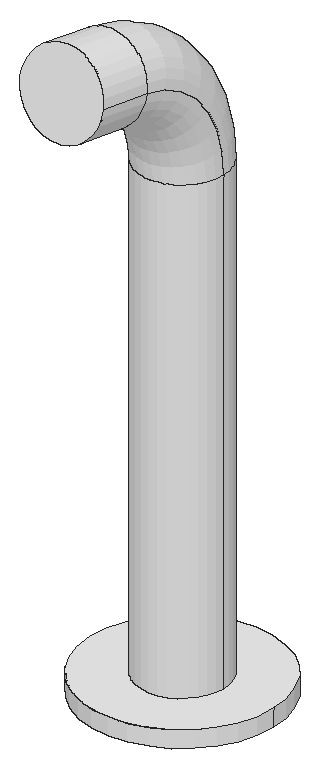
Revit family "CL10014-C5A_CLARK ROUND BASIN BATH OUTLET 180MM", category Plumbing Fixtures, host Face, Revit 2015
Parameters (values of type "CLARK ROUND BASIN BATH OUTLET 180MM - Chrome")
  Waste Connection = no
  WELSRating_ANZRS = "5 Star"
  Vent Connection = no
  URL = "https://www.clark.com.au/"
  Model = "CL10014.C5A"
  Material_Base = GWA_Metal-Chrome
  Manufacturer = "GWA Bathrooms & Kitchens"  # constant formula
  HW Connection = yes
  Description = "CLARK ROUND BASIN BATH OUTLET 180MM"
  Default Elevation = 900 mm
  CreatedBy_ANZRS = "GWA Bathrooms & Kitchens"  # constant formula
  CW Connection = yes
  Assembly Code = "C1030220"
Types (3, lengths in mm): name | Model | Material_Base
  (no name) | "CL10014.C5A" | GWA_Metal-Chrome
  CLARK ROUND BASIN BATH OUTLET 180MM - Chrome | "CL10014.C5A" | GWA_Metal-Chrome
  CLARK ROUND BASIN BATH OUTLET 180MM - Black | "CL10014.B5A" | GWA-Metal-Black
Reference planes
  plane 1 "Center (Front/Back)": y = 0
  plane 2: z = 0
  plane 3 "Center (Left/Right)": x = 0
Forms (mm)
  Extrusion 1, solid, material "GWA_Metal-Chrome" <- "Material_Base"
    sketch origin (0, 0, 0) x (1, 0, 0) y (0, 1, 0)
      loop
        circle (0, 0) r 27.5
    from 0 to 5
  Sweep 2, solid, material "GWA_Metal-Chrome" <- "Material_Base"
    path origin (0, 0, 0) x (0, 1, 0) y (0, 0, 1)
      loop
        line (0, 5) -> (0, 142.697)
        arc (0, 142.697) -> (-8.188, 165.194) -> (-28.922, 177.165) r 35
        line (-28.922, 177.165) -> (-45, 180)
    profile origin (0, 0, 73.848) x (0, -1, 0) y (1, 0, 0)
      loop
        circle (0, 0) r 12.5
Lines and regions (mm)
  Masking region 1
    outline origin (0, 0, 0) x (1, 0, 0) y (0, 1, 0)
      loop
        arc (12.5, -24.495) -> (0, 27.5) -> (-12.5, -24.495) r 27.5
        line (-12.5, -24.495) -> (-12.5, -45)
        spline (-12.5, -45) -> (-12.074, -45.569) -> (-10.825, -46.1) -> (-8.839, -46.556) -> (-6.25, -46.905) -> (-3.235, -47.125) -> (0, -47.2) -> (3.235, -47.125) -> (6.25, -46.905) -> (8.839, -46.556) -> (10.825, -46.1) -> (12.074, -45.569) -> (12.5, -45)
        line (12.5, -45) -> (12.5, -24.495)
  Masking region 2
    outline origin (0, 0, 0) x (0, 1, 0) y (0, 0, 1)
      loop
        line (-42.829, 192.31) -> (-47.171, 167.69) -> (-31.093, 164.855)
        arc (-31.093, 164.855) -> (-17.764, 157.16) -> (-12.5, 142.697) r 22.5
        line (-12.5, 142.697) -> (-12.5, 5) -> (-27.5, 5) -> (-27.5, 0) -> (27.5, 0) -> (27.5, 5) -> (12.5, 5) -> (12.5, 142.697)
        arc (12.5, 142.697) -> (1.387, 173.229) -> (-26.752, 189.475) r 47.5
        line (-26.752, 189.475) -> (-42.829, 192.31)
  Masking region 3
    outline origin (0, 0, 0) x (1, 0, 0) y (0, 0, 1)
      loop
        line (-27.5, 0) -> (27.5, 0) -> (27.5, 5) -> (12.5, 5) -> (12.5, 180)
        arc (12.5, 180) -> (0, 192.5) -> (-12.5, 180) r 12.5
        line (-12.5, 180) -> (-12.5, 5) -> (-27.5, 5) -> (-27.5, 0)
  symbolic lines
    curve 1: spline (-12.5, -45, 0) -> (-12.074, -45.569, 0) -> (-10.825, -46.1, 0) -> (-8.839, -46.556, 0) -> (-6.25, -46.905, 0) -> (-3.235, -47.125, 0) -> (0, -47.2, 0) -> (3.235, -47.125, 0) -> (6.25, -46.905, 0) -> (8.839, -46.556, 0) -> (10.825, -46.1, 0) -> (12.074, -45.569, 0) -> (12.5, -45, 0)
    curve 2: spline (-12.5, -45, 0) -> (-12.074, -44.431, 0) -> (-10.825, -43.9, 0) -> (-8.839, -43.444, 0) -> (-6.25, -43.095, 0) -> (-3.235, -42.875, 0) -> (0, -42.8, 0) -> (3.235, -42.875, 0) -> (6.25, -43.095, 0) -> (8.839, -43.444, 0) -> (10.825, -43.9, 0) -> (12.074, -44.431, 0) -> (12.5, -45, 0)
    curve 3: line (12.5, -24.495, 0) -> (12.5, 0, 0)
    curve 4: arc (12.5, 0, 0) -> (0, 12.5, 0) -> (-12.5, 0, 0) r 12.5
    curve 5: line (-12.5, 0, 0) -> (-12.5, -24.495, 0)
    curve 6: line (0, -12.5, 5) -> (0, 12.5, 5)
    curve 7: line (12.5, 0, 5) -> (-12.5, 0, 5)
Dimensions and locks
  aligned and locked: plane 2 to host face
  aligned and locked: level to host face
Connectors
  piping at (0, 0, 0), diameter 20
    settings: index 1, connector inside diameter 609.6 mm, connector length 0 mm, flow factor 0, pipe flow 0.0 L/s, pressure drop 0.0 Pa, fitting loss kfactor 0, connector angle 0.00°, fixture units 0, engagement length 0 mm, angle of deflection 0.00°, flow configuration 3, flow direction 1, fitting loss method 0, system type 19, joint type 0, gender type 0, connector reference index -1, connector utility 0, adjustable connector no, is connector primary yes, connector description ""
